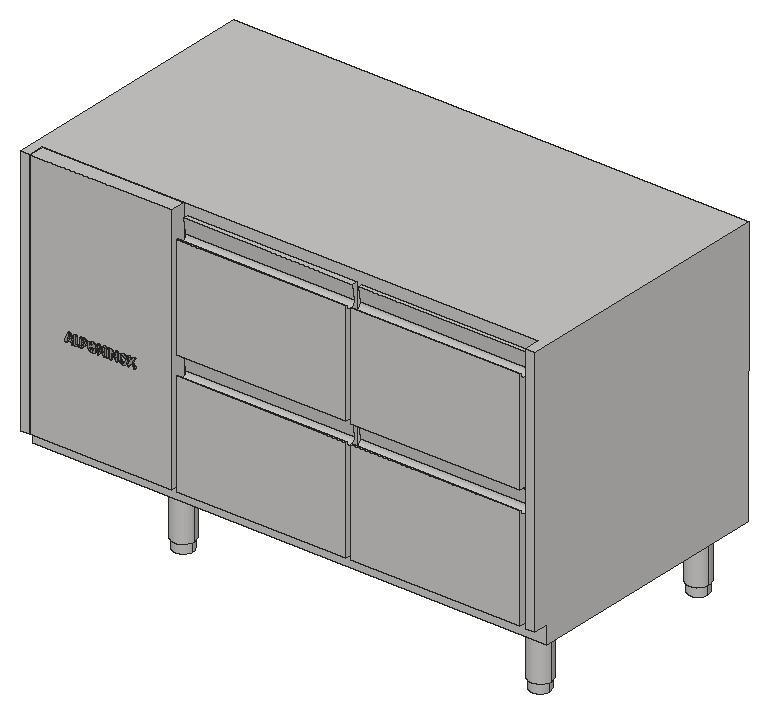
Revit family "QF_ALPENINOX_712017_AH2H7BB", category Specialty Equipment, Revit 2018
Family settings
  Round Connector Dimension = Use Diameter
  Part Type = Normal
  Work Plane-Based = No
  Always vertical = Yes
  Cut with Voids When Loaded = No
  Shared = No
  Room Calculation Point = No
Parameters
  Weight = 0.00 kg
  Watts = 0.0232258 W
  Volts = 220 V
  URL Manufacturer = "http://www.alpeninox.com/"
  URL = "http://www.alpeninox.com/"
  Steam Supply Size = 0 mm
  Steam Supply Minimum Pressure = 0.0 Pa
  Steam Supply Maximum Pressure = 0.0 Pa
  Steam Pounds per Hour = 0
  Show Logo [instance] = yes
  Show Clearance [instance] = yes
  Refrigeration Suction Line Size = 0 mm
  Refrigeration Liquid Line Size = 0 mm
  Refrigerant Compressor Remote = yes
  Manufacturer = "Alpeninox"
  Phase = 1
  Model = "AH2H7BB"
  Length Actual = 1341 mm  # constant formula
  Item Number = "712017"
  Hot Water Size = 0 mm
  Height Actual = 850 mm  # constant formula
  HP = "0.3 HP"
  Gas Size = 0 mm
  Gas KW = 0
  Gas Input Pressure = 0 W
  Description = "4 DRAWERS REFRIGER.TABLE 290L-NO TOP"
  Depth Actual = 700 mm  # constant formula
  Cycle = 50 Hz
  Condensate Return Size = 0 mm
  Compressed Air Volume = 0.0 L/s
  Compressed Air Size = 0 mm
  Compressed Air Pressure = 0.0 Pa
  Cold Water Size = 0 mm
  Accessory = yes
Reference planes
  plane 1 "Center X": y = 182.5
  plane 2: z = 0
  plane 3 "Center Y": x = -126.5
  plane 4: y = -62.5
  plane 5: y = 451.5
  plane 6 "BACK": y = 532.5
  plane 7 "FRONT": y = -167.5
  plane 8: x = -452
  plane 9: x = 478
  plane 10: z = 150
  plane 11 "TOP": z = 900
  plane 12: z = 850
  plane 13 "LEFT": x = -797
  plane 14 "RIGHT": x = 544
Forms (mm)
  Extrusion 1, solid, material "QF_Finishes_Stainless Steel"
    sketch origin (-126.5, 2, 0) x (0, 1, 0) y (0, 0, 1)
      loop
        line (530.5, 150) -> (530.5, 850) -> (-124.5, 850) -> (-124.5, 150) -> (530.5, 150)
    from -670.5 to 670.5
  Extrusion 2, solid, material "QF_Finishes_Stainless Steel"
    sketch origin (-1022.223, -1524, 150) x (-1, 0, 0) y (0, -1, 0)
      loop
        line (-225.223, -1361.5) -> (-250.223, -1361.5) -> (-250.223, -1401.5) -> (-225.223, -1401.5) -> (-225.223, -1361.5)
      loop
        line (-1566.223, -1401.5) -> (-1541.223, -1401.5) -> (-1541.223, -1361.5) -> (-1566.223, -1361.5) -> (-1566.223, -1401.5)
    from 47 to 700
  Extrusion 3, solid, material "QF_Finishes_Stainless Steel"
    sketch origin (0, 0, 900) x (-1, 0, 0) y (0, -1, 0)
      loop
        circle (-57, -94.5) r 8.45
    from -790.577 to -750
  Extrusion 4, solid, material "QF_Finishes_Stainless Steel"
    sketch origin (0, 0, 0) x (1, 0, 0) y (0, 1, 0)
      loop
        circle (-713, 451.5) r 4
    from 109.423 to 150
Cuts and joins
  joined: Extrusion 1, Extrusion 2
Lines and regions (mm)
  symbolic lines, style "SpecialityEquipmentHiddenLines"
    curve 1: line (-797, -122.5, 900) -> (544, -122.5, 900)
    curve 2: line (-396, -162.5, 900) -> (-396, -122.5, 900)
    curve 3: line (-797, 532.5, 900) -> (544, 532.5, 900)
    curve 4: line (-797, 532.5, 900) -> (-797, -162.5, 900)
    curve 5: line (-797, -162.5, 900) -> (544, -162.5, 900)
    curve 6: line (544, -162.5, 900) -> (544, 532.5, 900)
Dimensions and locks
  locked: plane 6 "BACK" to plane 7 "FRONT" at 700
  equal spacing: plane 6 "BACK", plane 1 "Center X", plane 7 "FRONT"
  locked: plane 6 "BACK" to plane 5 at 81
  plane 10 to level = 150 mm
  plane 11 "TOP" to plane 12 to plane 10 = 50 mm locked, 700 mm locked
  locked: Extrusion 2 sketch curve to Extrusion 2 sketch curve at 25  (x2)
  locked: plane 4 to plane 7 "FRONT" at 105
  locked: plane 6 "BACK" to Extrusion 3 sketch curve at 438
  equal spacing: plane 13 "LEFT", plane 3 "Center Y", plane 14 "RIGHT"
  plane 13 "LEFT" to plane 14 "RIGHT" = 1341 mm
  locked: plane 13 "LEFT" to plane 8 at 345
  locked: plane 9 to plane 14 "RIGHT" at 66
  locked: Extrusion 3 sketch curve to plane 14 "RIGHT" at 487
  plane 13 "LEFT" to Extrusion 4 sketch curve = 84 mm
  locked: plane 6 "BACK" to Extrusion 4 sketch curve at 81
  locked: plane 10 to Extrusion 4 at 40.577
  aligned and locked: level to plane 2
  aligned and locked: plane 10 to Extrusion 3
  aligned and locked: nested 4 to plane 4
  aligned and locked: nested 1 to plane 4
  aligned and locked: nested 3 to plane 5
  aligned and locked: nested 2 to plane 5
  aligned and locked: plane 8 to nested 1
  aligned and locked: plane 8 to nested 2
  aligned and locked: plane 9 to nested 4
  aligned and locked: plane 9 to nested 3
  aligned and locked: Extrusion 1 to Extrusion 2
  aligned and locked: Extrusion 2 to Extrusion 1
  aligned and locked: Extrusion 2 sketch curve to plane 14 "RIGHT"
  aligned and locked: plane 13 "LEFT" to Extrusion 2 sketch curve
  aligned and locked: cut or joined group of Extrusion 1, Extrusion 2 to plane 10
  aligned and locked: plane 12 to cut or joined group of Extrusion 1, Extrusion 2
  aligned and locked: plane 10 to Extrusion 4
Automatic sketch dimensions
  Extrusion 1 sketch curve to plane 10 = 0 mm
  Extrusion 1 sketch curve to plane 12 = 0 mm
  Extrusion 1 sketch curve to plane 6 "BACK" = 0 mm
  plane 7 "FRONT" to Extrusion 1 sketch curve = 45 mm
  plane 7 "FRONT" to Extrusion 2 sketch curve = 45 mm  (x2)
  plane 7 "FRONT" to Extrusion 2 sketch curve = 5 mm  (x2)
  curve 6 to plane 6 "BACK" = 0 mm
  curve 6 to plane 14 "RIGHT" = 0 mm
  curve 5 to plane 13 "LEFT" = 0 mm
  plane 7 "FRONT" to curve 5 = 5 mm
  plane 8 to curve 2 = 56 mm
  curve 1 to curve 4 = 40 mm
  radius of Extrusion 3 sketch curve = 8.45 mm
  radius of Extrusion 4 sketch curve = 4 mm
Nested families
  nested 1: "Foot_Ø50_H150" at (-452, -62.5, 0), type "Foot_Ø50_H150"
  nested 2: "Foot_Ø50_H150" at (-452, 451.5, 0), type "Foot_Ø50_H150"
  nested 3: "Foot_Ø50_H150" at (478, 451.5, 0), type "Foot_Ø50_H150"
  nested 4: "Foot_Ø50_H150" at (478, -62.5, 0), type "Foot_Ø50_H150"
  nested 5: "2 Drawers" at (285, -164.5, 0), Show Clearance <- "Show Clearance", type "2 Drawers"
  nested 6: "2 Drawers" at (-169, -164.5, 0) x (-1, 0, 0) z (0, 0, 1), Show Clearance <- "Show Clearance", type "2 Drawers"
  nested 7: "Refrigerator" at (544, -167.5, 900), type "Refrigerator"
  nested 8: "ALP_Cooling Unit" at (-587.5, -164.5, 0), Show Logo <- "Show Logo", type "ALP_Cooling Unit"
Connectors
  electrical at (-713, 451.5, 109.423), driven by "Volts"
    settings: on Extrusion 4, index 4, voltage 220 V, apparent load 0 VA, apparent load phase1 0 VA, apparent load phase2 0 VA, apparent load phase3 0 VA, power factor 1, load classification "Altro", number of poles 1, system type 30, power factor state 1, is connector primary yes, connector utility no, sub classification motor no, connector description "Electrical Connection"
  piping at (57, 94.5, 109.423), diameter 17
    settings: on Extrusion 3, index 5, connector inside diameter 609.6 mm, connector length 0 mm, flow factor 0, pipe flow 0.0 L/s, pressure drop 0.0 Pa, fitting loss kfactor 0, connector angle 0.00°, fixture units 0, engagement length 0 mm, angle of deflection 0.00°, flow configuration 1, flow direction 2, fitting loss method 0, system type 16, joint type 0, gender type 0, connector reference index -1, connector utility 0, adjustable connector no, is connector primary yes, connector description "Drain"
Definition of nested family "Foot_Ø50_H150"
  Reference planes
    plane 1 "Centro (Fronte/Retro)": y = 0
    plane 2: z = 0
    plane 3 "Centro (Sinistra/Destra)": x = 0
    plane 4: z = 150
  Forms (mm)
    Revolve 1, solid
      sketch origin (255.05, 0, 608.09) x (0, 0, 1) y (-1, 0, 0)
        loop
          line (-608.09, 255.05) -> (-608.09, 230.05) -> (-583.09, 230.05) -> (-583.09, 226.05) -> (-458.09, 226.05) -> (-458.09, 255.05) -> (-608.09, 255.05)
        axis (-608.09, 255.05) -> (-458.09, 255.05)
      angle from 0 to 360
  Dimensions and locks
    locked: Revolve 1 sketch curve to Revolve 1 sketch curve at 125
    aligned and locked: level to plane 2
    aligned and locked: plane 4 to Revolve 1 sketch curve
    aligned and locked: Revolve 1 sketch curve to level
    aligned and locked: plane 3 "Centro (Sinistra/Destra)" to Revolve 1 sketch curve
Definition of nested family "2 Drawers"
  Parameters
    Show Clearance [instance] = yes
  Reference planes
    plane 1 "FRONT": y = -3
    plane 2: z = 0
    plane 3 "Centro (Sinistra/Destra)": x = 0
    plane 4: z = 150
    plane 5: z = 850
    plane 6: x = -234
    plane 7: x = 234
    plane 8: x = -220
    plane 9: x = 220
  Forms (mm)
    Extrusion 1, solid
      sketch origin (0, 55, 511) x (0, 0, 1) y (0, -1, 0)
        loop
          line (314, 18) -> (314, 29) -> (274.395, 22.5)
          arc (274.395, 22.5) -> (260.395, 36.5) -> (274.395, 50.5) r 14
          line (274.395, 50.5) -> (274.395, 53) -> (5, 53) -> (5, 18) -> (314, 18)
        loop
          line (-5, 29) -> (-44.605, 22.5)
          arc (-44.605, 22.5) -> (-58.605, 36.5) -> (-44.605, 50.5) r 14
          line (-44.605, 50.5) -> (-44.605, 53) -> (-314, 53) -> (-314, 18) -> (-5, 18) -> (-5, 29)
      from -220 to 220
    Extrusion 2, solid, visible <- "Show Clearance", detail levels coarse
      sketch origin (0, -462, 511) x (0, 0, 1) y (0, -1, 0)
        loop
          line (-314, 109) -> (-314, -464) -> (-5, -464) -> (-5, 109) -> (-314, 109)
        loop
          line (314, -464) -> (314, 109) -> (5, 109) -> (5, -464) -> (314, -464)
      from -220 to 220
  Lines and regions (mm)
    symbolic lines
      curve 1: line (-190, -3, 0) -> (-190, -88, 0)
      curve 2: line (190, -88, 0) -> (190, -3, 0)
      curve 3: line (220, -88, 0) -> (-220, -88, 0)
      curve 4: line (-220, -88, 0) -> (-220, -123, 0)
      curve 5: line (-220, -123, 0) -> (220, -123, 0)
      curve 6: line (220, -123, 0) -> (220, -88, 0)
      curve 7: line (-190, -123, 0) -> (-190, -208, 0)
      curve 8: line (220, -208, 0) -> (-220, -208, 0)
      curve 9: line (-220, -208, 0) -> (-220, -243, 0)
      curve 10: line (-220, -243, 0) -> (220, -243, 0)
      curve 11: line (220, -243, 0) -> (220, -208, 0)
      curve 12: line (190, -208, 0) -> (190, -123, 0)
  Dimensions and locks
    aligned and locked: level to plane 2
Definition of nested family "ALP_Cooling Unit"
  Parameters
    Show Logo [instance] = yes
  Reference planes
    plane 1 "FRONT": y = -3
    plane 2: z = 0
    plane 3 "Centro (Sinistra/Destra)": x = 0
    plane 4: z = 150
    plane 5: z = 850
    plane 6: x = -184.5
    plane 7: x = 184.5
  Forms (mm)
    Extrusion 1, solid
      sketch origin (0, 55, 511) x (0, 0, 1) y (0, -1, 0)
        loop
          line (-314, 53) -> (-314, 13) -> (339, 13) -> (339, 53) -> (-314, 53)
      from -184.5 to 184.5
  Lines and regions (mm)
    Split face 1
      outline origin (0, 2, 197) x (0, 0, 1) y (-1, 0, 0)
        loop
          line (566.835, 184.5) -> (566.835, -184.5)
        loop
          line (521.835, 184.5) -> (521.835, -184.5)
    Split face 2
      outline origin (0, 2, 197) x (0, 0, 1) y (-1, 0, 0)
        loop
          line (526.835, -184.5) -> (526.835, 150.5)
          arc (526.835, 150.5) -> (544.335, 168) -> (561.835, 150.5) r 17.5
          line (561.835, 150.5) -> (561.835, -184.5)
    Split face 3
      outline origin (0, 2, 197) x (0, 0, 1) y (-1, 0, 0)
        loop
          line (555.835, 149.5) -> (532.835, 149.5) -> (532.835, 94.5) -> (555.835, 94.5) -> (555.835, 149.5)
    Split face 4
      outline origin (0, 2, 197) x (0, 0, 1) y (-1, 0, 0)
        loop
          arc (510.649, 158.547) -> (506.648, 162.548) -> (502.647, 158.547) r 4.001
          line (502.647, 158.547) -> (502.647, 116.535)
          arc (502.647, 116.535) -> (506.648, 112.533) -> (510.649, 116.535) r 4.001
          line (510.649, 116.535) -> (510.649, 158.547)
    Split face 5
      outline origin (0, 2, 184.996) x (0, 0, 1) y (-1, 0, 0)
        loop
          arc (510.649, 158.547) -> (506.648, 162.548) -> (502.647, 158.547) r 4.001
          line (502.647, 158.547) -> (502.647, 116.535)
          arc (502.647, 116.535) -> (506.648, 112.533) -> (510.649, 116.535) r 4.001
          line (510.649, 116.535) -> (510.649, 158.547)
    Split face 6
      outline origin (0, 2, 172.993) x (0, 0, 1) y (-1, 0, 0)
        loop
          arc (510.649, 158.547) -> (506.648, 162.548) -> (502.647, 158.547) r 4.001
          line (502.647, 158.547) -> (502.647, 116.535)
          arc (502.647, 116.535) -> (506.648, 112.533) -> (510.649, 116.535) r 4.001
          line (510.649, 116.535) -> (510.649, 158.547)
    Split face 7
      outline origin (0, 2, 160.989) x (0, 0, 1) y (-1, 0, 0)
        loop
          arc (510.649, 158.547) -> (506.648, 162.548) -> (502.647, 158.547) r 4.001
          line (502.647, 158.547) -> (502.647, 116.535)
          arc (502.647, 116.535) -> (506.648, 112.533) -> (510.649, 116.535) r 4.001
          line (510.649, 116.535) -> (510.649, 158.547)
    Split face 8
      outline origin (0, 2, 148.986) x (0, 0, 1) y (-1, 0, 0)
        loop
          arc (510.649, 158.547) -> (506.648, 162.548) -> (502.647, 158.547) r 4.001
          line (502.647, 158.547) -> (502.647, 116.535)
          arc (502.647, 116.535) -> (506.648, 112.533) -> (510.649, 116.535) r 4.001
          line (510.649, 116.535) -> (510.649, 158.547)
    Split face 9
      outline origin (0, 2, 136.982) x (0, 0, 1) y (-1, 0, 0)
        loop
          arc (510.649, 158.547) -> (506.648, 162.548) -> (502.647, 158.547) r 4.001
          line (502.647, 158.547) -> (502.647, 116.535)
          arc (502.647, 116.535) -> (506.648, 112.533) -> (510.649, 116.535) r 4.001
          line (510.649, 116.535) -> (510.649, 158.547)
    Split face 10
      outline origin (0, 2, 124.979) x (0, 0, 1) y (-1, 0, 0)
        loop
          arc (510.649, 158.547) -> (506.648, 162.548) -> (502.647, 158.547) r 4.001
          line (502.647, 158.547) -> (502.647, 116.535)
          arc (502.647, 116.535) -> (506.648, 112.533) -> (510.649, 116.535) r 4.001
          line (510.649, 116.535) -> (510.649, 158.547)
    Split face 11
      outline origin (0, 2, 112.975) x (0, 0, 1) y (-1, 0, 0)
        loop
          arc (510.649, 158.547) -> (506.648, 162.548) -> (502.647, 158.547) r 4.001
          line (502.647, 158.547) -> (502.647, 116.535)
          arc (502.647, 116.535) -> (506.648, 112.533) -> (510.649, 116.535) r 4.001
          line (510.649, 116.535) -> (510.649, 158.547)
    Split face 12
      outline origin (0, 2, 100.972) x (0, 0, 1) y (-1, 0, 0)
        loop
          arc (510.649, 158.547) -> (506.648, 162.548) -> (502.647, 158.547) r 4.001
          line (502.647, 158.547) -> (502.647, 116.535)
          arc (502.647, 116.535) -> (506.648, 112.533) -> (510.649, 116.535) r 4.001
          line (510.649, 116.535) -> (510.649, 158.547)
    Split face 13
      outline origin (0, 2, 88.968) x (0, 0, 1) y (-1, 0, 0)
        loop
          arc (510.649, 158.547) -> (506.648, 162.548) -> (502.647, 158.547) r 4.001
          line (502.647, 158.547) -> (502.647, 116.535)
          arc (502.647, 116.535) -> (506.648, 112.533) -> (510.649, 116.535) r 4.001
          line (510.649, 116.535) -> (510.649, 158.547)
    Split face 14
      outline origin (0, 2, 76.965) x (0, 0, 1) y (-1, 0, 0)
        loop
          arc (510.649, 158.547) -> (506.648, 162.548) -> (502.647, 158.547) r 4.001
          line (502.647, 158.547) -> (502.647, 116.535)
          arc (502.647, 116.535) -> (506.648, 112.533) -> (510.649, 116.535) r 4.001
          line (510.649, 116.535) -> (510.649, 158.547)
    Split face 15
      outline origin (0, 2, 64.961) x (0, 0, 1) y (-1, 0, 0)
        loop
          arc (510.649, 158.547) -> (506.648, 162.548) -> (502.647, 158.547) r 4.001
          line (502.647, 158.547) -> (502.647, 116.535)
          arc (502.647, 116.535) -> (506.648, 112.533) -> (510.649, 116.535) r 4.001
          line (510.649, 116.535) -> (510.649, 158.547)
    Split face 16
      outline origin (0, 2, 52.958) x (0, 0, 1) y (-1, 0, 0)
        loop
          arc (510.649, 158.547) -> (506.648, 162.548) -> (502.647, 158.547) r 4.001
          line (502.647, 158.547) -> (502.647, 116.535)
          arc (502.647, 116.535) -> (506.648, 112.533) -> (510.649, 116.535) r 4.001
          line (510.649, 116.535) -> (510.649, 158.547)
    Split face 17
      outline origin (0, 2, 40.954) x (0, 0, 1) y (-1, 0, 0)
        loop
          arc (510.649, 158.547) -> (506.648, 162.548) -> (502.647, 158.547) r 4.001
          line (502.647, 158.547) -> (502.647, 116.535)
          arc (502.647, 116.535) -> (506.648, 112.533) -> (510.649, 116.535) r 4.001
          line (510.649, 116.535) -> (510.649, 158.547)
    Split face 18
      outline origin (0, 2, 28.951) x (0, 0, 1) y (-1, 0, 0)
        loop
          arc (510.649, 158.547) -> (506.648, 162.548) -> (502.647, 158.547) r 4.001
          line (502.647, 158.547) -> (502.647, 116.535)
          arc (502.647, 116.535) -> (506.648, 112.533) -> (510.649, 116.535) r 4.001
          line (510.649, 116.535) -> (510.649, 158.547)
    Split face 19
      outline origin (0, 2, 16.947) x (0, 0, 1) y (-1, 0, 0)
        loop
          arc (510.649, 158.547) -> (506.648, 162.548) -> (502.647, 158.547) r 4.001
          line (502.647, 158.547) -> (502.647, 116.535)
          arc (502.647, 116.535) -> (506.648, 112.533) -> (510.649, 116.535) r 4.001
          line (510.649, 116.535) -> (510.649, 158.547)
    Split face 20
      outline origin (55.016, 2, 197) x (0, 0, 1) y (-1, 0, 0)
        loop
          arc (510.649, 158.547) -> (506.648, 162.548) -> (502.647, 158.547) r 4.001
          line (502.647, 158.547) -> (502.647, 116.535)
          arc (502.647, 116.535) -> (506.648, 112.533) -> (510.649, 116.535) r 4.001
          line (510.649, 116.535) -> (510.649, 158.547)
    Split face 21
      outline origin (55.016, 2, 184.996) x (0, 0, 1) y (-1, 0, 0)
        loop
          arc (510.649, 158.547) -> (506.648, 162.548) -> (502.647, 158.547) r 4.001
          line (502.647, 158.547) -> (502.647, 116.535)
          arc (502.647, 116.535) -> (506.648, 112.533) -> (510.649, 116.535) r 4.001
          line (510.649, 116.535) -> (510.649, 158.547)
    Split face 22
      outline origin (55.016, 2, 172.993) x (0, 0, 1) y (-1, 0, 0)
        loop
          arc (510.649, 158.547) -> (506.648, 162.548) -> (502.647, 158.547) r 4.001
          line (502.647, 158.547) -> (502.647, 116.535)
          arc (502.647, 116.535) -> (506.648, 112.533) -> (510.649, 116.535) r 4.001
          line (510.649, 116.535) -> (510.649, 158.547)
    Split face 23
      outline origin (55.016, 2, 160.989) x (0, 0, 1) y (-1, 0, 0)
        loop
          arc (510.649, 158.547) -> (506.648, 162.548) -> (502.647, 158.547) r 4.001
          line (502.647, 158.547) -> (502.647, 116.535)
          arc (502.647, 116.535) -> (506.648, 112.533) -> (510.649, 116.535) r 4.001
          line (510.649, 116.535) -> (510.649, 158.547)
    Split face 24
      outline origin (55.016, 2, 148.986) x (0, 0, 1) y (-1, 0, 0)
        loop
          arc (510.649, 158.547) -> (506.648, 162.548) -> (502.647, 158.547) r 4.001
          line (502.647, 158.547) -> (502.647, 116.535)
          arc (502.647, 116.535) -> (506.648, 112.533) -> (510.649, 116.535) r 4.001
          line (510.649, 116.535) -> (510.649, 158.547)
    Split face 25
      outline origin (55.016, 2, 136.982) x (0, 0, 1) y (-1, 0, 0)
        loop
          arc (510.649, 158.547) -> (506.648, 162.548) -> (502.647, 158.547) r 4.001
          line (502.647, 158.547) -> (502.647, 116.535)
          arc (502.647, 116.535) -> (506.648, 112.533) -> (510.649, 116.535) r 4.001
          line (510.649, 116.535) -> (510.649, 158.547)
    Split face 26
      outline origin (55.016, 2, 124.979) x (0, 0, 1) y (-1, 0, 0)
        loop
          arc (510.649, 158.547) -> (506.648, 162.548) -> (502.647, 158.547) r 4.001
          line (502.647, 158.547) -> (502.647, 116.535)
          arc (502.647, 116.535) -> (506.648, 112.533) -> (510.649, 116.535) r 4.001
          line (510.649, 116.535) -> (510.649, 158.547)
    Split face 27
      outline origin (55.016, 2, 112.975) x (0, 0, 1) y (-1, 0, 0)
        loop
          arc (510.649, 158.547) -> (506.648, 162.548) -> (502.647, 158.547) r 4.001
          line (502.647, 158.547) -> (502.647, 116.535)
          arc (502.647, 116.535) -> (506.648, 112.533) -> (510.649, 116.535) r 4.001
          line (510.649, 116.535) -> (510.649, 158.547)
    Split face 28
      outline origin (55.016, 2, 100.972) x (0, 0, 1) y (-1, 0, 0)
        loop
          arc (510.649, 158.547) -> (506.648, 162.548) -> (502.647, 158.547) r 4.001
          line (502.647, 158.547) -> (502.647, 116.535)
          arc (502.647, 116.535) -> (506.648, 112.533) -> (510.649, 116.535) r 4.001
          line (510.649, 116.535) -> (510.649, 158.547)
    Split face 29
      outline origin (55.016, 2, 88.968) x (0, 0, 1) y (-1, 0, 0)
        loop
          arc (510.649, 158.547) -> (506.648, 162.548) -> (502.647, 158.547) r 4.001
          line (502.647, 158.547) -> (502.647, 116.535)
          arc (502.647, 116.535) -> (506.648, 112.533) -> (510.649, 116.535) r 4.001
          line (510.649, 116.535) -> (510.649, 158.547)
    Split face 30
      outline origin (55.016, 2, 76.965) x (0, 0, 1) y (-1, 0, 0)
        loop
          arc (510.649, 158.547) -> (506.648, 162.548) -> (502.647, 158.547) r 4.001
          line (502.647, 158.547) -> (502.647, 116.535)
          arc (502.647, 116.535) -> (506.648, 112.533) -> (510.649, 116.535) r 4.001
          line (510.649, 116.535) -> (510.649, 158.547)
    Split face 31
      outline origin (55.016, 2, 64.961) x (0, 0, 1) y (-1, 0, 0)
        loop
          arc (510.649, 158.547) -> (506.648, 162.548) -> (502.647, 158.547) r 4.001
          line (502.647, 158.547) -> (502.647, 116.535)
          arc (502.647, 116.535) -> (506.648, 112.533) -> (510.649, 116.535) r 4.001
          line (510.649, 116.535) -> (510.649, 158.547)
    Split face 32
      outline origin (55.016, 2, 52.958) x (0, 0, 1) y (-1, 0, 0)
        loop
          arc (510.649, 158.547) -> (506.648, 162.548) -> (502.647, 158.547) r 4.001
          line (502.647, 158.547) -> (502.647, 116.535)
          arc (502.647, 116.535) -> (506.648, 112.533) -> (510.649, 116.535) r 4.001
          line (510.649, 116.535) -> (510.649, 158.547)
    Split face 33
      outline origin (55.016, 2, 40.954) x (0, 0, 1) y (-1, 0, 0)
        loop
          arc (510.649, 158.547) -> (506.648, 162.548) -> (502.647, 158.547) r 4.001
          line (502.647, 158.547) -> (502.647, 116.535)
          arc (502.647, 116.535) -> (506.648, 112.533) -> (510.649, 116.535) r 4.001
          line (510.649, 116.535) -> (510.649, 158.547)
    Split face 34
      outline origin (55.016, 2, 28.951) x (0, 0, 1) y (-1, 0, 0)
        loop
          arc (510.649, 158.547) -> (506.648, 162.548) -> (502.647, 158.547) r 4.001
          line (502.647, 158.547) -> (502.647, 116.535)
          arc (502.647, 116.535) -> (506.648, 112.533) -> (510.649, 116.535) r 4.001
          line (510.649, 116.535) -> (510.649, 158.547)
    Split face 35
      outline origin (55.016, 2, 16.947) x (0, 0, 1) y (-1, 0, 0)
        loop
          arc (510.649, 158.547) -> (506.648, 162.548) -> (502.647, 158.547) r 4.001
          line (502.647, 158.547) -> (502.647, 116.535)
          arc (502.647, 116.535) -> (506.648, 112.533) -> (510.649, 116.535) r 4.001
          line (510.649, 116.535) -> (510.649, 158.547)
    Split face 36
      outline origin (110.032, 2, 197) x (0, 0, 1) y (-1, 0, 0)
        loop
          arc (510.649, 158.547) -> (506.648, 162.548) -> (502.647, 158.547) r 4.001
          line (502.647, 158.547) -> (502.647, 116.535)
          arc (502.647, 116.535) -> (506.648, 112.533) -> (510.649, 116.535) r 4.001
          line (510.649, 116.535) -> (510.649, 158.547)
    Split face 37
      outline origin (110.032, 2, 184.996) x (0, 0, 1) y (-1, 0, 0)
        loop
          arc (510.649, 158.547) -> (506.648, 162.548) -> (502.647, 158.547) r 4.001
          line (502.647, 158.547) -> (502.647, 116.535)
          arc (502.647, 116.535) -> (506.648, 112.533) -> (510.649, 116.535) r 4.001
          line (510.649, 116.535) -> (510.649, 158.547)
    Split face 38
      outline origin (110.032, 2, 172.993) x (0, 0, 1) y (-1, 0, 0)
        loop
          arc (510.649, 158.547) -> (506.648, 162.548) -> (502.647, 158.547) r 4.001
          line (502.647, 158.547) -> (502.647, 116.535)
          arc (502.647, 116.535) -> (506.648, 112.533) -> (510.649, 116.535) r 4.001
          line (510.649, 116.535) -> (510.649, 158.547)
    Split face 39
      outline origin (110.032, 2, 160.989) x (0, 0, 1) y (-1, 0, 0)
        loop
          arc (510.649, 158.547) -> (506.648, 162.548) -> (502.647, 158.547) r 4.001
          line (502.647, 158.547) -> (502.647, 116.535)
          arc (502.647, 116.535) -> (506.648, 112.533) -> (510.649, 116.535) r 4.001
          line (510.649, 116.535) -> (510.649, 158.547)
    Split face 40
      outline origin (110.032, 2, 148.986) x (0, 0, 1) y (-1, 0, 0)
        loop
          arc (510.649, 158.547) -> (506.648, 162.548) -> (502.647, 158.547) r 4.001
          line (502.647, 158.547) -> (502.647, 116.535)
          arc (502.647, 116.535) -> (506.648, 112.533) -> (510.649, 116.535) r 4.001
          line (510.649, 116.535) -> (510.649, 158.547)
    Split face 41
      outline origin (110.032, 2, 136.982) x (0, 0, 1) y (-1, 0, 0)
        loop
          arc (510.649, 158.547) -> (506.648, 162.548) -> (502.647, 158.547) r 4.001
          line (502.647, 158.547) -> (502.647, 116.535)
          arc (502.647, 116.535) -> (506.648, 112.533) -> (510.649, 116.535) r 4.001
          line (510.649, 116.535) -> (510.649, 158.547)
    Split face 42
      outline origin (110.032, 2, 124.979) x (0, 0, 1) y (-1, 0, 0)
        loop
          arc (510.649, 158.547) -> (506.648, 162.548) -> (502.647, 158.547) r 4.001
          line (502.647, 158.547) -> (502.647, 116.535)
          arc (502.647, 116.535) -> (506.648, 112.533) -> (510.649, 116.535) r 4.001
          line (510.649, 116.535) -> (510.649, 158.547)
    Split face 43
      outline origin (110.032, 2, 112.975) x (0, 0, 1) y (-1, 0, 0)
        loop
          arc (510.649, 158.547) -> (506.648, 162.548) -> (502.647, 158.547) r 4.001
          line (502.647, 158.547) -> (502.647, 116.535)
          arc (502.647, 116.535) -> (506.648, 112.533) -> (510.649, 116.535) r 4.001
          line (510.649, 116.535) -> (510.649, 158.547)
    Split face 44
      outline origin (110.032, 2, 100.972) x (0, 0, 1) y (-1, 0, 0)
        loop
          arc (510.649, 158.547) -> (506.648, 162.548) -> (502.647, 158.547) r 4.001
          line (502.647, 158.547) -> (502.647, 116.535)
          arc (502.647, 116.535) -> (506.648, 112.533) -> (510.649, 116.535) r 4.001
          line (510.649, 116.535) -> (510.649, 158.547)
    Split face 45
      outline origin (110.032, 2, 88.968) x (0, 0, 1) y (-1, 0, 0)
        loop
          arc (510.649, 158.547) -> (506.648, 162.548) -> (502.647, 158.547) r 4.001
          line (502.647, 158.547) -> (502.647, 116.535)
          arc (502.647, 116.535) -> (506.648, 112.533) -> (510.649, 116.535) r 4.001
          line (510.649, 116.535) -> (510.649, 158.547)
    Split face 46
      outline origin (110.032, 2, 76.965) x (0, 0, 1) y (-1, 0, 0)
        loop
          arc (510.649, 158.547) -> (506.648, 162.548) -> (502.647, 158.547) r 4.001
          line (502.647, 158.547) -> (502.647, 116.535)
          arc (502.647, 116.535) -> (506.648, 112.533) -> (510.649, 116.535) r 4.001
          line (510.649, 116.535) -> (510.649, 158.547)
    Split face 47
      outline origin (110.032, 2, 64.961) x (0, 0, 1) y (-1, 0, 0)
        loop
          arc (510.649, 158.547) -> (506.648, 162.548) -> (502.647, 158.547) r 4.001
          line (502.647, 158.547) -> (502.647, 116.535)
          arc (502.647, 116.535) -> (506.648, 112.533) -> (510.649, 116.535) r 4.001
          line (510.649, 116.535) -> (510.649, 158.547)
    Split face 48
      outline origin (110.032, 2, 52.958) x (0, 0, 1) y (-1, 0, 0)
        loop
          arc (510.649, 158.547) -> (506.648, 162.548) -> (502.647, 158.547) r 4.001
          line (502.647, 158.547) -> (502.647, 116.535)
          arc (502.647, 116.535) -> (506.648, 112.533) -> (510.649, 116.535) r 4.001
          line (510.649, 116.535) -> (510.649, 158.547)
    Split face 49
      outline origin (110.032, 2, 40.954) x (0, 0, 1) y (-1, 0, 0)
        loop
          arc (510.649, 158.547) -> (506.648, 162.548) -> (502.647, 158.547) r 4.001
          line (502.647, 158.547) -> (502.647, 116.535)
          arc (502.647, 116.535) -> (506.648, 112.533) -> (510.649, 116.535) r 4.001
          line (510.649, 116.535) -> (510.649, 158.547)
    Split face 50
      outline origin (110.032, 2, 28.951) x (0, 0, 1) y (-1, 0, 0)
        loop
          arc (510.649, 158.547) -> (506.648, 162.548) -> (502.647, 158.547) r 4.001
          line (502.647, 158.547) -> (502.647, 116.535)
          arc (502.647, 116.535) -> (506.648, 112.533) -> (510.649, 116.535) r 4.001
          line (510.649, 116.535) -> (510.649, 158.547)
    Split face 51
      outline origin (110.032, 2, 16.947) x (0, 0, 1) y (-1, 0, 0)
        loop
          arc (510.649, 158.547) -> (506.648, 162.548) -> (502.647, 158.547) r 4.001
          line (502.647, 158.547) -> (502.647, 116.535)
          arc (502.647, 116.535) -> (506.648, 112.533) -> (510.649, 116.535) r 4.001
          line (510.649, 116.535) -> (510.649, 158.547)
    Split face 52
      outline origin (165.048, 2, 197) x (0, 0, 1) y (-1, 0, 0)
        loop
          arc (510.649, 158.547) -> (506.648, 162.548) -> (502.647, 158.547) r 4.001
          line (502.647, 158.547) -> (502.647, 116.535)
          arc (502.647, 116.535) -> (506.648, 112.533) -> (510.649, 116.535) r 4.001
          line (510.649, 116.535) -> (510.649, 158.547)
    Split face 53
      outline origin (165.048, 2, 184.996) x (0, 0, 1) y (-1, 0, 0)
        loop
          arc (510.649, 158.547) -> (506.648, 162.548) -> (502.647, 158.547) r 4.001
          line (502.647, 158.547) -> (502.647, 116.535)
          arc (502.647, 116.535) -> (506.648, 112.533) -> (510.649, 116.535) r 4.001
          line (510.649, 116.535) -> (510.649, 158.547)
    Split face 54
      outline origin (165.048, 2, 172.993) x (0, 0, 1) y (-1, 0, 0)
        loop
          arc (510.649, 158.547) -> (506.648, 162.548) -> (502.647, 158.547) r 4.001
          line (502.647, 158.547) -> (502.647, 116.535)
          arc (502.647, 116.535) -> (506.648, 112.533) -> (510.649, 116.535) r 4.001
          line (510.649, 116.535) -> (510.649, 158.547)
    Split face 55
      outline origin (165.048, 2, 160.989) x (0, 0, 1) y (-1, 0, 0)
        loop
          arc (510.649, 158.547) -> (506.648, 162.548) -> (502.647, 158.547) r 4.001
          line (502.647, 158.547) -> (502.647, 116.535)
          arc (502.647, 116.535) -> (506.648, 112.533) -> (510.649, 116.535) r 4.001
          line (510.649, 116.535) -> (510.649, 158.547)
    Split face 56
      outline origin (165.048, 2, 148.986) x (0, 0, 1) y (-1, 0, 0)
        loop
          arc (510.649, 158.547) -> (506.648, 162.548) -> (502.647, 158.547) r 4.001
          line (502.647, 158.547) -> (502.647, 116.535)
          arc (502.647, 116.535) -> (506.648, 112.533) -> (510.649, 116.535) r 4.001
          line (510.649, 116.535) -> (510.649, 158.547)
    Split face 57
      outline origin (165.048, 2, 136.982) x (0, 0, 1) y (-1, 0, 0)
        loop
          arc (510.649, 158.547) -> (506.648, 162.548) -> (502.647, 158.547) r 4.001
          line (502.647, 158.547) -> (502.647, 116.535)
          arc (502.647, 116.535) -> (506.648, 112.533) -> (510.649, 116.535) r 4.001
          line (510.649, 116.535) -> (510.649, 158.547)
    Split face 58
      outline origin (165.048, 2, 124.979) x (0, 0, 1) y (-1, 0, 0)
        loop
          arc (510.649, 158.547) -> (506.648, 162.548) -> (502.647, 158.547) r 4.001
          line (502.647, 158.547) -> (502.647, 116.535)
          arc (502.647, 116.535) -> (506.648, 112.533) -> (510.649, 116.535) r 4.001
          line (510.649, 116.535) -> (510.649, 158.547)
    Split face 59
      outline origin (165.048, 2, 112.975) x (0, 0, 1) y (-1, 0, 0)
        loop
          arc (510.649, 158.547) -> (506.648, 162.548) -> (502.647, 158.547) r 4.001
          line (502.647, 158.547) -> (502.647, 116.535)
          arc (502.647, 116.535) -> (506.648, 112.533) -> (510.649, 116.535) r 4.001
          line (510.649, 116.535) -> (510.649, 158.547)
    Split face 60
      outline origin (165.048, 2, 100.972) x (0, 0, 1) y (-1, 0, 0)
        loop
          arc (510.649, 158.547) -> (506.648, 162.548) -> (502.647, 158.547) r 4.001
          line (502.647, 158.547) -> (502.647, 116.535)
          arc (502.647, 116.535) -> (506.648, 112.533) -> (510.649, 116.535) r 4.001
          line (510.649, 116.535) -> (510.649, 158.547)
    Split face 61
      outline origin (165.048, 2, 88.968) x (0, 0, 1) y (-1, 0, 0)
        loop
          arc (510.649, 158.547) -> (506.648, 162.548) -> (502.647, 158.547) r 4.001
          line (502.647, 158.547) -> (502.647, 116.535)
          arc (502.647, 116.535) -> (506.648, 112.533) -> (510.649, 116.535) r 4.001
          line (510.649, 116.535) -> (510.649, 158.547)
    Split face 62
      outline origin (165.048, 2, 76.965) x (0, 0, 1) y (-1, 0, 0)
        loop
          arc (510.649, 158.547) -> (506.648, 162.548) -> (502.647, 158.547) r 4.001
          line (502.647, 158.547) -> (502.647, 116.535)
          arc (502.647, 116.535) -> (506.648, 112.533) -> (510.649, 116.535) r 4.001
          line (510.649, 116.535) -> (510.649, 158.547)
    Split face 63
      outline origin (165.048, 2, 64.961) x (0, 0, 1) y (-1, 0, 0)
        loop
          arc (510.649, 158.547) -> (506.648, 162.548) -> (502.647, 158.547) r 4.001
          line (502.647, 158.547) -> (502.647, 116.535)
          arc (502.647, 116.535) -> (506.648, 112.533) -> (510.649, 116.535) r 4.001
          line (510.649, 116.535) -> (510.649, 158.547)
    Split face 64
      outline origin (165.048, 2, 52.958) x (0, 0, 1) y (-1, 0, 0)
        loop
          arc (510.649, 158.547) -> (506.648, 162.548) -> (502.647, 158.547) r 4.001
          line (502.647, 158.547) -> (502.647, 116.535)
          arc (502.647, 116.535) -> (506.648, 112.533) -> (510.649, 116.535) r 4.001
          line (510.649, 116.535) -> (510.649, 158.547)
    Split face 65
      outline origin (165.048, 2, 40.954) x (0, 0, 1) y (-1, 0, 0)
        loop
          arc (510.649, 158.547) -> (506.648, 162.548) -> (502.647, 158.547) r 4.001
          line (502.647, 158.547) -> (502.647, 116.535)
          arc (502.647, 116.535) -> (506.648, 112.533) -> (510.649, 116.535) r 4.001
          line (510.649, 116.535) -> (510.649, 158.547)
    Split face 66
      outline origin (165.048, 2, 28.951) x (0, 0, 1) y (-1, 0, 0)
        loop
          arc (510.649, 158.547) -> (506.648, 162.548) -> (502.647, 158.547) r 4.001
          line (502.647, 158.547) -> (502.647, 116.535)
          arc (502.647, 116.535) -> (506.648, 112.533) -> (510.649, 116.535) r 4.001
          line (510.649, 116.535) -> (510.649, 158.547)
    Split face 67
      outline origin (165.048, 2, 16.947) x (0, 0, 1) y (-1, 0, 0)
        loop
          arc (510.649, 158.547) -> (506.648, 162.548) -> (502.647, 158.547) r 4.001
          line (502.647, 158.547) -> (502.647, 116.535)
          arc (502.647, 116.535) -> (506.648, 112.533) -> (510.649, 116.535) r 4.001
          line (510.649, 116.535) -> (510.649, 158.547)
    Split face 68
      outline origin (220.064, 2, 197) x (0, 0, 1) y (-1, 0, 0)
        loop
          arc (510.649, 158.547) -> (506.648, 162.548) -> (502.647, 158.547) r 4.001
          line (502.647, 158.547) -> (502.647, 116.535)
          arc (502.647, 116.535) -> (506.648, 112.533) -> (510.649, 116.535) r 4.001
          line (510.649, 116.535) -> (510.649, 158.547)
    Split face 69
      outline origin (220.064, 2, 184.996) x (0, 0, 1) y (-1, 0, 0)
        loop
          arc (510.649, 158.547) -> (506.648, 162.548) -> (502.647, 158.547) r 4.001
          line (502.647, 158.547) -> (502.647, 116.535)
          arc (502.647, 116.535) -> (506.648, 112.533) -> (510.649, 116.535) r 4.001
          line (510.649, 116.535) -> (510.649, 158.547)
    Split face 70
      outline origin (220.064, 2, 172.993) x (0, 0, 1) y (-1, 0, 0)
        loop
          arc (510.649, 158.547) -> (506.648, 162.548) -> (502.647, 158.547) r 4.001
          line (502.647, 158.547) -> (502.647, 116.535)
          arc (502.647, 116.535) -> (506.648, 112.533) -> (510.649, 116.535) r 4.001
          line (510.649, 116.535) -> (510.649, 158.547)
    Split face 71
      outline origin (220.064, 2, 160.989) x (0, 0, 1) y (-1, 0, 0)
        loop
          arc (510.649, 158.547) -> (506.648, 162.548) -> (502.647, 158.547) r 4.001
          line (502.647, 158.547) -> (502.647, 116.535)
          arc (502.647, 116.535) -> (506.648, 112.533) -> (510.649, 116.535) r 4.001
          line (510.649, 116.535) -> (510.649, 158.547)
    Split face 72
      outline origin (220.064, 2, 148.986) x (0, 0, 1) y (-1, 0, 0)
        loop
          arc (510.649, 158.547) -> (506.648, 162.548) -> (502.647, 158.547) r 4.001
          line (502.647, 158.547) -> (502.647, 116.535)
          arc (502.647, 116.535) -> (506.648, 112.533) -> (510.649, 116.535) r 4.001
          line (510.649, 116.535) -> (510.649, 158.547)
    Split face 73
      outline origin (220.064, 2, 136.982) x (0, 0, 1) y (-1, 0, 0)
        loop
          arc (510.649, 158.547) -> (506.648, 162.548) -> (502.647, 158.547) r 4.001
          line (502.647, 158.547) -> (502.647, 116.535)
          arc (502.647, 116.535) -> (506.648, 112.533) -> (510.649, 116.535) r 4.001
          line (510.649, 116.535) -> (510.649, 158.547)
    Split face 74
      outline origin (220.064, 2, 124.979) x (0, 0, 1) y (-1, 0, 0)
        loop
          arc (510.649, 158.547) -> (506.648, 162.548) -> (502.647, 158.547) r 4.001
          line (502.647, 158.547) -> (502.647, 116.535)
          arc (502.647, 116.535) -> (506.648, 112.533) -> (510.649, 116.535) r 4.001
          line (510.649, 116.535) -> (510.649, 158.547)
    Split face 75
      outline origin (220.064, 2, 112.975) x (0, 0, 1) y (-1, 0, 0)
        loop
          arc (510.649, 158.547) -> (506.648, 162.548) -> (502.647, 158.547) r 4.001
          line (502.647, 158.547) -> (502.647, 116.535)
          arc (502.647, 116.535) -> (506.648, 112.533) -> (510.649, 116.535) r 4.001
          line (510.649, 116.535) -> (510.649, 158.547)
    Split face 76
      outline origin (220.064, 2, 100.972) x (0, 0, 1) y (-1, 0, 0)
        loop
          arc (510.649, 158.547) -> (506.648, 162.548) -> (502.647, 158.547) r 4.001
          line (502.647, 158.547) -> (502.647, 116.535)
          arc (502.647, 116.535) -> (506.648, 112.533) -> (510.649, 116.535) r 4.001
          line (510.649, 116.535) -> (510.649, 158.547)
    Split face 77
      outline origin (220.064, 2, 88.968) x (0, 0, 1) y (-1, 0, 0)
        loop
          arc (510.649, 158.547) -> (506.648, 162.548) -> (502.647, 158.547) r 4.001
          line (502.647, 158.547) -> (502.647, 116.535)
          arc (502.647, 116.535) -> (506.648, 112.533) -> (510.649, 116.535) r 4.001
          line (510.649, 116.535) -> (510.649, 158.547)
    Split face 78
      outline origin (220.064, 2, 76.965) x (0, 0, 1) y (-1, 0, 0)
        loop
          arc (510.649, 158.547) -> (506.648, 162.548) -> (502.647, 158.547) r 4.001
          line (502.647, 158.547) -> (502.647, 116.535)
          arc (502.647, 116.535) -> (506.648, 112.533) -> (510.649, 116.535) r 4.001
          line (510.649, 116.535) -> (510.649, 158.547)
    Split face 79
      outline origin (220.064, 2, 64.961) x (0, 0, 1) y (-1, 0, 0)
        loop
          arc (510.649, 158.547) -> (506.648, 162.548) -> (502.647, 158.547) r 4.001
          line (502.647, 158.547) -> (502.647, 116.535)
          arc (502.647, 116.535) -> (506.648, 112.533) -> (510.649, 116.535) r 4.001
          line (510.649, 116.535) -> (510.649, 158.547)
    Split face 80
      outline origin (220.064, 2, 52.958) x (0, 0, 1) y (-1, 0, 0)
        loop
          arc (510.649, 158.547) -> (506.648, 162.548) -> (502.647, 158.547) r 4.001
          line (502.647, 158.547) -> (502.647, 116.535)
          arc (502.647, 116.535) -> (506.648, 112.533) -> (510.649, 116.535) r 4.001
          line (510.649, 116.535) -> (510.649, 158.547)
    Split face 81
      outline origin (220.064, 2, 40.954) x (0, 0, 1) y (-1, 0, 0)
        loop
          arc (510.649, 158.547) -> (506.648, 162.548) -> (502.647, 158.547) r 4.001
          line (502.647, 158.547) -> (502.647, 116.535)
          arc (502.647, 116.535) -> (506.648, 112.533) -> (510.649, 116.535) r 4.001
          line (510.649, 116.535) -> (510.649, 158.547)
    Split face 82
      outline origin (220.064, 2, 28.951) x (0, 0, 1) y (-1, 0, 0)
        loop
          arc (510.649, 158.547) -> (506.648, 162.548) -> (502.647, 158.547) r 4.001
          line (502.647, 158.547) -> (502.647, 116.535)
          arc (502.647, 116.535) -> (506.648, 112.533) -> (510.649, 116.535) r 4.001
          line (510.649, 116.535) -> (510.649, 158.547)
    Split face 83
      outline origin (220.064, 2, 16.947) x (0, 0, 1) y (-1, 0, 0)
        loop
          arc (510.649, 158.547) -> (506.648, 162.548) -> (502.647, 158.547) r 4.001
          line (502.647, 158.547) -> (502.647, 116.535)
          arc (502.647, 116.535) -> (506.648, 112.533) -> (510.649, 116.535) r 4.001
          line (510.649, 116.535) -> (510.649, 158.547)
    Split face 84
      outline origin (275.081, 2, 197) x (0, 0, 1) y (-1, 0, 0)
        loop
          arc (510.649, 158.547) -> (506.648, 162.548) -> (502.647, 158.547) r 4.001
          line (502.647, 158.547) -> (502.647, 116.535)
          arc (502.647, 116.535) -> (506.648, 112.533) -> (510.649, 116.535) r 4.001
          line (510.649, 116.535) -> (510.649, 158.547)
    Split face 85
      outline origin (275.081, 2, 184.996) x (0, 0, 1) y (-1, 0, 0)
        loop
          arc (510.649, 158.547) -> (506.648, 162.548) -> (502.647, 158.547) r 4.001
          line (502.647, 158.547) -> (502.647, 116.535)
          arc (502.647, 116.535) -> (506.648, 112.533) -> (510.649, 116.535) r 4.001
          line (510.649, 116.535) -> (510.649, 158.547)
    Split face 86
      outline origin (275.081, 2, 172.993) x (0, 0, 1) y (-1, 0, 0)
        loop
          arc (510.649, 158.547) -> (506.648, 162.548) -> (502.647, 158.547) r 4.001
          line (502.647, 158.547) -> (502.647, 116.535)
          arc (502.647, 116.535) -> (506.648, 112.533) -> (510.649, 116.535) r 4.001
          line (510.649, 116.535) -> (510.649, 158.547)
    Split face 87
      outline origin (275.081, 2, 160.989) x (0, 0, 1) y (-1, 0, 0)
        loop
          arc (510.649, 158.547) -> (506.648, 162.548) -> (502.647, 158.547) r 4.001
          line (502.647, 158.547) -> (502.647, 116.535)
          arc (502.647, 116.535) -> (506.648, 112.533) -> (510.649, 116.535) r 4.001
          line (510.649, 116.535) -> (510.649, 158.547)
    Split face 88
      outline origin (275.081, 2, 148.986) x (0, 0, 1) y (-1, 0, 0)
        loop
          arc (510.649, 158.547) -> (506.648, 162.548) -> (502.647, 158.547) r 4.001
          line (502.647, 158.547) -> (502.647, 116.535)
          arc (502.647, 116.535) -> (506.648, 112.533) -> (510.649, 116.535) r 4.001
          line (510.649, 116.535) -> (510.649, 158.547)
    Split face 89
      outline origin (275.081, 2, 136.982) x (0, 0, 1) y (-1, 0, 0)
        loop
          arc (510.649, 158.547) -> (506.648, 162.548) -> (502.647, 158.547) r 4.001
          line (502.647, 158.547) -> (502.647, 116.535)
          arc (502.647, 116.535) -> (506.648, 112.533) -> (510.649, 116.535) r 4.001
          line (510.649, 116.535) -> (510.649, 158.547)
    Split face 90
      outline origin (275.081, 2, 124.979) x (0, 0, 1) y (-1, 0, 0)
        loop
          arc (510.649, 158.547) -> (506.648, 162.548) -> (502.647, 158.547) r 4.001
          line (502.647, 158.547) -> (502.647, 116.535)
          arc (502.647, 116.535) -> (506.648, 112.533) -> (510.649, 116.535) r 4.001
          line (510.649, 116.535) -> (510.649, 158.547)
    Split face 91
      outline origin (275.081, 2, 112.975) x (0, 0, 1) y (-1, 0, 0)
        loop
          arc (510.649, 158.547) -> (506.648, 162.548) -> (502.647, 158.547) r 4.001
          line (502.647, 158.547) -> (502.647, 116.535)
          arc (502.647, 116.535) -> (506.648, 112.533) -> (510.649, 116.535) r 4.001
          line (510.649, 116.535) -> (510.649, 158.547)
    Split face 92
      outline origin (275.081, 2, 100.972) x (0, 0, 1) y (-1, 0, 0)
        loop
          arc (510.649, 158.547) -> (506.648, 162.548) -> (502.647, 158.547) r 4.001
          line (502.647, 158.547) -> (502.647, 116.535)
          arc (502.647, 116.535) -> (506.648, 112.533) -> (510.649, 116.535) r 4.001
          line (510.649, 116.535) -> (510.649, 158.547)
    Split face 93
      outline origin (275.081, 2, 88.968) x (0, 0, 1) y (-1, 0, 0)
        loop
          arc (510.649, 158.547) -> (506.648, 162.548) -> (502.647, 158.547) r 4.001
          line (502.647, 158.547) -> (502.647, 116.535)
          arc (502.647, 116.535) -> (506.648, 112.533) -> (510.649, 116.535) r 4.001
          line (510.649, 116.535) -> (510.649, 158.547)
    Split face 94
      outline origin (275.081, 2, 76.965) x (0, 0, 1) y (-1, 0, 0)
        loop
          arc (510.649, 158.547) -> (506.648, 162.548) -> (502.647, 158.547) r 4.001
          line (502.647, 158.547) -> (502.647, 116.535)
          arc (502.647, 116.535) -> (506.648, 112.533) -> (510.649, 116.535) r 4.001
          line (510.649, 116.535) -> (510.649, 158.547)
    Split face 95
      outline origin (275.081, 2, 64.961) x (0, 0, 1) y (-1, 0, 0)
        loop
          arc (510.649, 158.547) -> (506.648, 162.548) -> (502.647, 158.547) r 4.001
          line (502.647, 158.547) -> (502.647, 116.535)
          arc (502.647, 116.535) -> (506.648, 112.533) -> (510.649, 116.535) r 4.001
          line (510.649, 116.535) -> (510.649, 158.547)
    Split face 96
      outline origin (275.081, 2, 52.958) x (0, 0, 1) y (-1, 0, 0)
        loop
          arc (510.649, 158.547) -> (506.648, 162.548) -> (502.647, 158.547) r 4.001
          line (502.647, 158.547) -> (502.647, 116.535)
          arc (502.647, 116.535) -> (506.648, 112.533) -> (510.649, 116.535) r 4.001
          line (510.649, 116.535) -> (510.649, 158.547)
    Split face 97
      outline origin (275.081, 2, 40.954) x (0, 0, 1) y (-1, 0, 0)
        loop
          arc (510.649, 158.547) -> (506.648, 162.548) -> (502.647, 158.547) r 4.001
          line (502.647, 158.547) -> (502.647, 116.535)
          arc (502.647, 116.535) -> (506.648, 112.533) -> (510.649, 116.535) r 4.001
          line (510.649, 116.535) -> (510.649, 158.547)
    Split face 98
      outline origin (275.081, 2, 28.951) x (0, 0, 1) y (-1, 0, 0)
        loop
          arc (510.649, 158.547) -> (506.648, 162.548) -> (502.647, 158.547) r 4.001
          line (502.647, 158.547) -> (502.647, 116.535)
          arc (502.647, 116.535) -> (506.648, 112.533) -> (510.649, 116.535) r 4.001
          line (510.649, 116.535) -> (510.649, 158.547)
    Split face 99
      outline origin (275.081, 2, 16.947) x (0, 0, 1) y (-1, 0, 0)
        loop
          arc (510.649, 158.547) -> (506.648, 162.548) -> (502.647, 158.547) r 4.001
          line (502.647, 158.547) -> (502.647, 116.535)
          arc (502.647, 116.535) -> (506.648, 112.533) -> (510.649, 116.535) r 4.001
          line (510.649, 116.535) -> (510.649, 158.547)
    Split face 100
      outline origin (0, 2, -113.091) x (0, 0, 1) y (-1, 0, 0)
        loop
          arc (510.649, 158.547) -> (506.648, 162.548) -> (502.647, 158.547) r 4.001
          line (502.647, 158.547) -> (502.647, 116.535)
          arc (502.647, 116.535) -> (506.648, 112.533) -> (510.649, 116.535) r 4.001
          line (510.649, 116.535) -> (510.649, 158.547)
    Split face 101
      outline origin (0, 2, -125.094) x (0, 0, 1) y (-1, 0, 0)
        loop
          arc (510.649, 158.547) -> (506.648, 162.548) -> (502.647, 158.547) r 4.001
          line (502.647, 158.547) -> (502.647, 116.535)
          arc (502.647, 116.535) -> (506.648, 112.533) -> (510.649, 116.535) r 4.001
          line (510.649, 116.535) -> (510.649, 158.547)
    Split face 102
      outline origin (0, 2, -137.098) x (0, 0, 1) y (-1, 0, 0)
        loop
          arc (510.649, 158.547) -> (506.648, 162.548) -> (502.647, 158.547) r 4.001
          line (502.647, 158.547) -> (502.647, 116.535)
          arc (502.647, 116.535) -> (506.648, 112.533) -> (510.649, 116.535) r 4.001
          line (510.649, 116.535) -> (510.649, 158.547)
    Split face 103
      outline origin (0, 2, -149.101) x (0, 0, 1) y (-1, 0, 0)
        loop
          arc (510.649, 158.547) -> (506.648, 162.548) -> (502.647, 158.547) r 4.001
          line (502.647, 158.547) -> (502.647, 116.535)
          arc (502.647, 116.535) -> (506.648, 112.533) -> (510.649, 116.535) r 4.001
          line (510.649, 116.535) -> (510.649, 158.547)
    Split face 104
      outline origin (0, 2, -161.105) x (0, 0, 1) y (-1, 0, 0)
        loop
          arc (510.649, 158.547) -> (506.648, 162.548) -> (502.647, 158.547) r 4.001
          line (502.647, 158.547) -> (502.647, 116.535)
          arc (502.647, 116.535) -> (506.648, 112.533) -> (510.649, 116.535) r 4.001
          line (510.649, 116.535) -> (510.649, 158.547)
    Split face 105
      outline origin (0, 2, -173.108) x (0, 0, 1) y (-1, 0, 0)
        loop
          arc (510.649, 158.547) -> (506.648, 162.548) -> (502.647, 158.547) r 4.001
          line (502.647, 158.547) -> (502.647, 116.535)
          arc (502.647, 116.535) -> (506.648, 112.533) -> (510.649, 116.535) r 4.001
          line (510.649, 116.535) -> (510.649, 158.547)
    Split face 106
      outline origin (0, 2, -185.112) x (0, 0, 1) y (-1, 0, 0)
        loop
          arc (510.649, 158.547) -> (506.648, 162.548) -> (502.647, 158.547) r 4.001
          line (502.647, 158.547) -> (502.647, 116.535)
          arc (502.647, 116.535) -> (506.648, 112.533) -> (510.649, 116.535) r 4.001
          line (510.649, 116.535) -> (510.649, 158.547)
    Split face 107
      outline origin (0, 2, -197.115) x (0, 0, 1) y (-1, 0, 0)
        loop
          arc (510.649, 158.547) -> (506.648, 162.548) -> (502.647, 158.547) r 4.001
          line (502.647, 158.547) -> (502.647, 116.535)
          arc (502.647, 116.535) -> (506.648, 112.533) -> (510.649, 116.535) r 4.001
          line (510.649, 116.535) -> (510.649, 158.547)
    Split face 108
      outline origin (0, 2, -209.119) x (0, 0, 1) y (-1, 0, 0)
        loop
          arc (510.649, 158.547) -> (506.648, 162.548) -> (502.647, 158.547) r 4.001
          line (502.647, 158.547) -> (502.647, 116.535)
          arc (502.647, 116.535) -> (506.648, 112.533) -> (510.649, 116.535) r 4.001
          line (510.649, 116.535) -> (510.649, 158.547)
    Split face 109
      outline origin (0, 2, -221.122) x (0, 0, 1) y (-1, 0, 0)
        loop
          arc (510.649, 158.547) -> (506.648, 162.548) -> (502.647, 158.547) r 4.001
          line (502.647, 158.547) -> (502.647, 116.535)
          arc (502.647, 116.535) -> (506.648, 112.533) -> (510.649, 116.535) r 4.001
          line (510.649, 116.535) -> (510.649, 158.547)
    Split face 110
      outline origin (0, 2, -233.126) x (0, 0, 1) y (-1, 0, 0)
        loop
          arc (510.649, 158.547) -> (506.648, 162.548) -> (502.647, 158.547) r 4.001
          line (502.647, 158.547) -> (502.647, 116.535)
          arc (502.647, 116.535) -> (506.648, 112.533) -> (510.649, 116.535) r 4.001
          line (510.649, 116.535) -> (510.649, 158.547)
    Split face 111
      outline origin (0, 2, -245.129) x (0, 0, 1) y (-1, 0, 0)
        loop
          arc (510.649, 158.547) -> (506.648, 162.548) -> (502.647, 158.547) r 4.001
          line (502.647, 158.547) -> (502.647, 116.535)
          arc (502.647, 116.535) -> (506.648, 112.533) -> (510.649, 116.535) r 4.001
          line (510.649, 116.535) -> (510.649, 158.547)
    Split face 112
      outline origin (0, 2, -257.133) x (0, 0, 1) y (-1, 0, 0)
        loop
          arc (510.649, 158.547) -> (506.648, 162.548) -> (502.647, 158.547) r 4.001
          line (502.647, 158.547) -> (502.647, 116.535)
          arc (502.647, 116.535) -> (506.648, 112.533) -> (510.649, 116.535) r 4.001
          line (510.649, 116.535) -> (510.649, 158.547)
    Split face 113
      outline origin (0, 2, -269.136) x (0, 0, 1) y (-1, 0, 0)
        loop
          arc (510.649, 158.547) -> (506.648, 162.548) -> (502.647, 158.547) r 4.001
          line (502.647, 158.547) -> (502.647, 116.535)
          arc (502.647, 116.535) -> (506.648, 112.533) -> (510.649, 116.535) r 4.001
          line (510.649, 116.535) -> (510.649, 158.547)
    Split face 114
      outline origin (0, 2, -281.14) x (0, 0, 1) y (-1, 0, 0)
        loop
          arc (510.649, 158.547) -> (506.648, 162.548) -> (502.647, 158.547) r 4.001
          line (502.647, 158.547) -> (502.647, 116.535)
          arc (502.647, 116.535) -> (506.648, 112.533) -> (510.649, 116.535) r 4.001
          line (510.649, 116.535) -> (510.649, 158.547)
    Split face 115
      outline origin (0, 2, -293.144) x (0, 0, 1) y (-1, 0, 0)
        loop
          arc (510.649, 158.547) -> (506.648, 162.548) -> (502.647, 158.547) r 4.001
          line (502.647, 158.547) -> (502.647, 116.535)
          arc (502.647, 116.535) -> (506.648, 112.533) -> (510.649, 116.535) r 4.001
          line (510.649, 116.535) -> (510.649, 158.547)
    Split face 116
      outline origin (55.016, 2, -113.091) x (0, 0, 1) y (-1, 0, 0)
        loop
          arc (510.649, 158.547) -> (506.648, 162.548) -> (502.647, 158.547) r 4.001
          line (502.647, 158.547) -> (502.647, 116.535)
          arc (502.647, 116.535) -> (506.648, 112.533) -> (510.649, 116.535) r 4.001
          line (510.649, 116.535) -> (510.649, 158.547)
    Split face 117
      outline origin (55.016, 2, -125.094) x (0, 0, 1) y (-1, 0, 0)
        loop
          arc (510.649, 158.547) -> (506.648, 162.548) -> (502.647, 158.547) r 4.001
          line (502.647, 158.547) -> (502.647, 116.535)
          arc (502.647, 116.535) -> (506.648, 112.533) -> (510.649, 116.535) r 4.001
          line (510.649, 116.535) -> (510.649, 158.547)
    Split face 118
      outline origin (55.016, 2, -137.098) x (0, 0, 1) y (-1, 0, 0)
        loop
          arc (510.649, 158.547) -> (506.648, 162.548) -> (502.647, 158.547) r 4.001
          line (502.647, 158.547) -> (502.647, 116.535)
          arc (502.647, 116.535) -> (506.648, 112.533) -> (510.649, 116.535) r 4.001
          line (510.649, 116.535) -> (510.649, 158.547)
    Split face 119
      outline origin (55.016, 2, -149.101) x (0, 0, 1) y (-1, 0, 0)
        loop
          arc (510.649, 158.547) -> (506.648, 162.548) -> (502.647, 158.547) r 4.001
          line (502.647, 158.547) -> (502.647, 116.535)
          arc (502.647, 116.535) -> (506.648, 112.533) -> (510.649, 116.535) r 4.001
          line (510.649, 116.535) -> (510.649, 158.547)
    Split face 120
      outline origin (55.016, 2, -161.105) x (0, 0, 1) y (-1, 0, 0)
        loop
          arc (510.649, 158.547) -> (506.648, 162.548) -> (502.647, 158.547) r 4.001
          line (502.647, 158.547) -> (502.647, 116.535)
          arc (502.647, 116.535) -> (506.648, 112.533) -> (510.649, 116.535) r 4.001
          line (510.649, 116.535) -> (510.649, 158.547)
    Split face 121
      outline origin (55.016, 2, -173.108) x (0, 0, 1) y (-1, 0, 0)
        loop
          arc (510.649, 158.547) -> (506.648, 162.548) -> (502.647, 158.547) r 4.001
          line (502.647, 158.547) -> (502.647, 116.535)
          arc (502.647, 116.535) -> (506.648, 112.533) -> (510.649, 116.535) r 4.001
          line (510.649, 116.535) -> (510.649, 158.547)
    Split face 122
      outline origin (55.016, 2, -185.112) x (0, 0, 1) y (-1, 0, 0)
        loop
          arc (510.649, 158.547) -> (506.648, 162.548) -> (502.647, 158.547) r 4.001
          line (502.647, 158.547) -> (502.647, 116.535)
          arc (502.647, 116.535) -> (506.648, 112.533) -> (510.649, 116.535) r 4.001
          line (510.649, 116.535) -> (510.649, 158.547)
    Split face 123
      outline origin (55.016, 2, -197.115) x (0, 0, 1) y (-1, 0, 0)
        loop
          arc (510.649, 158.547) -> (506.648, 162.548) -> (502.647, 158.547) r 4.001
          line (502.647, 158.547) -> (502.647, 116.535)
          arc (502.647, 116.535) -> (506.648, 112.533) -> (510.649, 116.535) r 4.001
          line (510.649, 116.535) -> (510.649, 158.547)
    Split face 124
      outline origin (55.016, 2, -209.119) x (0, 0, 1) y (-1, 0, 0)
        loop
          arc (510.649, 158.547) -> (506.648, 162.548) -> (502.647, 158.547) r 4.001
          line (502.647, 158.547) -> (502.647, 116.535)
          arc (502.647, 116.535) -> (506.648, 112.533) -> (510.649, 116.535) r 4.001
          line (510.649, 116.535) -> (510.649, 158.547)
    Split face 125
      outline origin (55.016, 2, -221.122) x (0, 0, 1) y (-1, 0, 0)
        loop
          arc (510.649, 158.547) -> (506.648, 162.548) -> (502.647, 158.547) r 4.001
          line (502.647, 158.547) -> (502.647, 116.535)
          arc (502.647, 116.535) -> (506.648, 112.533) -> (510.649, 116.535) r 4.001
          line (510.649, 116.535) -> (510.649, 158.547)
    Split face 126
      outline origin (55.016, 2, -233.126) x (0, 0, 1) y (-1, 0, 0)
        loop
          arc (510.649, 158.547) -> (506.648, 162.548) -> (502.647, 158.547) r 4.001
          line (502.647, 158.547) -> (502.647, 116.535)
          arc (502.647, 116.535) -> (506.648, 112.533) -> (510.649, 116.535) r 4.001
          line (510.649, 116.535) -> (510.649, 158.547)
    Split face 127
      outline origin (55.016, 2, -245.129) x (0, 0, 1) y (-1, 0, 0)
        loop
          arc (510.649, 158.547) -> (506.648, 162.548) -> (502.647, 158.547) r 4.001
          line (502.647, 158.547) -> (502.647, 116.535)
          arc (502.647, 116.535) -> (506.648, 112.533) -> (510.649, 116.535) r 4.001
          line (510.649, 116.535) -> (510.649, 158.547)
    Split face 128
      outline origin (55.016, 2, -257.133) x (0, 0, 1) y (-1, 0, 0)
        loop
          arc (510.649, 158.547) -> (506.648, 162.548) -> (502.647, 158.547) r 4.001
          line (502.647, 158.547) -> (502.647, 116.535)
          arc (502.647, 116.535) -> (506.648, 112.533) -> (510.649, 116.535) r 4.001
          line (510.649, 116.535) -> (510.649, 158.547)
    Split face 129
      outline origin (55.016, 2, -269.136) x (0, 0, 1) y (-1, 0, 0)
        loop
          arc (510.649, 158.547) -> (506.648, 162.548) -> (502.647, 158.547) r 4.001
          line (502.647, 158.547) -> (502.647, 116.535)
          arc (502.647, 116.535) -> (506.648, 112.533) -> (510.649, 116.535) r 4.001
          line (510.649, 116.535) -> (510.649, 158.547)
    Split face 130
      outline origin (55.016, 2, -281.14) x (0, 0, 1) y (-1, 0, 0)
        loop
          arc (510.649, 158.547) -> (506.648, 162.548) -> (502.647, 158.547) r 4.001
          line (502.647, 158.547) -> (502.647, 116.535)
          arc (502.647, 116.535) -> (506.648, 112.533) -> (510.649, 116.535) r 4.001
          line (510.649, 116.535) -> (510.649, 158.547)
    Split face 131
      outline origin (55.016, 2, -293.144) x (0, 0, 1) y (-1, 0, 0)
        loop
          arc (510.649, 158.547) -> (506.648, 162.548) -> (502.647, 158.547) r 4.001
          line (502.647, 158.547) -> (502.647, 116.535)
          arc (502.647, 116.535) -> (506.648, 112.533) -> (510.649, 116.535) r 4.001
          line (510.649, 116.535) -> (510.649, 158.547)
    Split face 132
      outline origin (110.032, 2, -113.091) x (0, 0, 1) y (-1, 0, 0)
        loop
          arc (510.649, 158.547) -> (506.648, 162.548) -> (502.647, 158.547) r 4.001
          line (502.647, 158.547) -> (502.647, 116.535)
          arc (502.647, 116.535) -> (506.648, 112.533) -> (510.649, 116.535) r 4.001
          line (510.649, 116.535) -> (510.649, 158.547)
